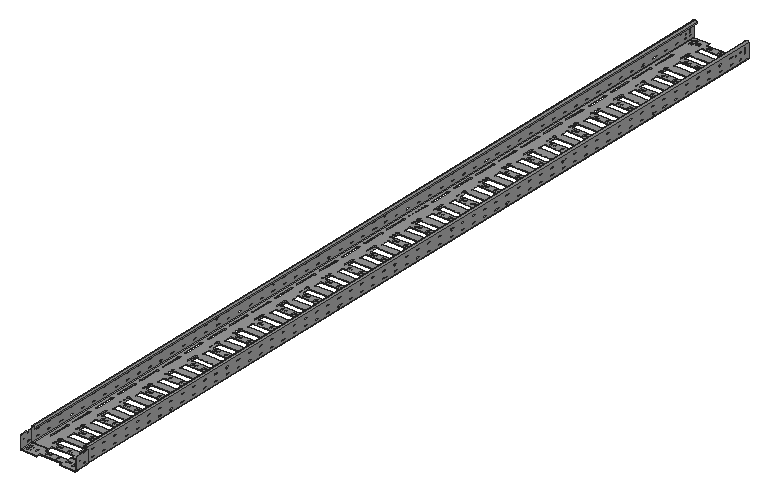
Revit family "MKSM Magic Kabelrinne 1 mm- MKSM 620 FT,FS", category Generic Models, Revit 2017 (continued)
Forms (mm)
  Extrusion 284, void
    sketch origin (0, 1728.208, 0) x (1, 0, 0) y (0, 1, 0)
      loop
        line (12, 79.75) -> (12, 72.75) -> (30, 72.75) -> (30, 79.75) -> (12, 79.75)
    from 0 to 1
  Extrusion 285, void
    sketch origin (0, 1829.867, 0) x (1, 0, 0) y (0, 1, 0)
      loop
        line (-29, 79.75) -> (-29, 72.75) -> (-11, 72.75) -> (-11, 79.75) -> (-29, 79.75)
      loop
        line (12, 79.75) -> (12, 72.75) -> (30, 72.75) -> (30, 79.75) -> (12, 79.75)
    from 0 to 1
  Extrusion 286, void
    sketch origin (0, 1931.526, 0) x (1, 0, 0) y (0, 1, 0)
      loop
        line (-29, 79.75) -> (-29, 72.75) -> (-11, 72.75) -> (-11, 79.75) -> (-29, 79.75)
      loop
        line (12, 79.75) -> (12, 72.75) -> (30, 72.75) -> (30, 79.75) -> (12, 79.75)
    from 0 to 1
  Extrusion 287, void
    sketch origin (0, 2033.185, 0) x (1, 0, 0) y (0, 1, 0)
      loop
        line (-29, 79.75) -> (-29, 72.75) -> (-11, 72.75) -> (-11, 79.75) -> (-29, 79.75)
      loop
        line (12, 79.75) -> (12, 72.75) -> (30, 72.75) -> (30, 79.75) -> (12, 79.75)
    from 0 to 1
  Extrusion 288, void
    sketch origin (0, 2134.844, 0) x (1, 0, 0) y (0, 1, 0)
      loop
        line (-29, 79.75) -> (-29, 72.75) -> (-11, 72.75) -> (-11, 79.75) -> (-29, 79.75)
      loop
        line (12, 79.75) -> (12, 72.75) -> (30, 72.75) -> (30, 79.75) -> (12, 79.75)
    from 0 to 1
  Extrusion 289, void
    sketch origin (0, 2236.503, 0) x (1, 0, 0) y (0, 1, 0)
      loop
        line (-29, 79.75) -> (-29, 72.75) -> (-11, 72.75) -> (-11, 79.75) -> (-29, 79.75)
      loop
        line (12, 79.75) -> (12, 72.75) -> (30, 72.75) -> (30, 79.75) -> (12, 79.75)
    from 0 to 1
  Extrusion 290, void
    sketch origin (0, 2338.162, 0) x (1, 0, 0) y (0, 1, 0)
      loop
        line (-29, 79.75) -> (-29, 72.75) -> (-11, 72.75) -> (-11, 79.75) -> (-29, 79.75)
      loop
        line (12, 79.75) -> (12, 72.75) -> (30, 72.75) -> (30, 79.75) -> (12, 79.75)
    from 0 to 1
  Extrusion 291, void
    sketch origin (0, 2439.821, 0) x (1, 0, 0) y (0, 1, 0)
      loop
        line (-29, 79.75) -> (-29, 72.75) -> (-11, 72.75) -> (-11, 79.75) -> (-29, 79.75)
      loop
        line (12, 79.75) -> (12, 72.75) -> (30, 72.75) -> (30, 79.75) -> (12, 79.75)
    from 0 to 1
  Extrusion 292, void
    sketch origin (0, 2541.481, 0) x (1, 0, 0) y (0, 1, 0)
      loop
        line (-29, 79.75) -> (-29, 72.75) -> (-11, 72.75) -> (-11, 79.75) -> (-29, 79.75)
      loop
        line (12, 79.75) -> (12, 72.75) -> (30, 72.75) -> (30, 79.75) -> (12, 79.75)
    from 0 to 1
  Extrusion 293, void
    sketch origin (0, 2643.14, 0) x (1, 0, 0) y (0, 1, 0)
      loop
        line (-29, 79.75) -> (-29, 72.75) -> (-11, 72.75) -> (-11, 79.75) -> (-29, 79.75)
      loop
        line (12, 79.75) -> (12, 72.75) -> (30, 72.75) -> (30, 79.75) -> (12, 79.75)
    from 0 to 1
  Extrusion 294, void
    sketch origin (0, 2744.799, 0) x (1, 0, 0) y (0, 1, 0)
      loop
        line (-29, 79.75) -> (-29, 72.75) -> (-11, 72.75) -> (-11, 79.75) -> (-29, 79.75)
      loop
        line (12, 79.75) -> (12, 72.75) -> (30, 72.75) -> (30, 79.75) -> (12, 79.75)
    from 0 to 1
  Extrusion 295, void
    sketch origin (0, 2846.458, 0) x (1, 0, 0) y (0, 1, 0)
      loop
        line (-29, 79.75) -> (-29, 72.75) -> (-11, 72.75) -> (-11, 79.75) -> (-29, 79.75)
      loop
        line (12, 79.75) -> (12, 72.75) -> (30, 72.75) -> (30, 79.75) -> (12, 79.75)
    from 0 to 1
  Extrusion 296, void
    sketch origin (0, 0, 0) x (1, 0, 0) y (0, 1, 0)
      loop
        line (74, 3019.9) -> (74, 3013.4) -> (88, 3013.4) -> (88, 3019.9) -> (74, 3019.9)
    from 0 to 1
  Extrusion 297, void
    sketch origin (0, 0, 0) x (1, 0, 0) y (0, 1, 0)
      loop
        line (74, 3036.4) -> (74, 3029.9) -> (88, 3029.9) -> (88, 3036.4) -> (74, 3036.4)
    from 0 to 1
  Extrusion 298, void
    sketch origin (0, 0, 0) x (1, 0, 0) y (0, 1, 0)
      loop
        line (-88, 3019.9) -> (-88, 3013.356) -> (-74, 3013.356) -> (-74, 3019.9) -> (-88, 3019.9)
    from 0 to 1
  Extrusion 299, void
    sketch origin (0, 0, 0) x (1, 0, 0) y (0, 1, 0)
      loop
        line (-88, 3036.4) -> (-88, 3029.9) -> (-74, 3029.9) -> (-74, 3036.4) -> (-88, 3036.4)
    from 0 to 1
  Extrusion 300, void
    sketch origin (0, 0, 0) x (1, 0, 0) y (0, 1, 0)
      loop
        line (-40, 165.21) -> (-40, 139.79) -> (40, 139.79) -> (40, 165.21) -> (-40, 165.21)
    from 0 to 1
  Extrusion 301, void
    sketch origin (0, 101.737, 0) x (1, 0, 0) y (0, 1, 0)
      loop
        line (-40, 165.21) -> (-40, 139.79) -> (40, 139.79) -> (40, 165.21) -> (-40, 165.21)
    from 0 to 1
  Extrusion 302, void
    sketch origin (0, 203.479, 0) x (1, 0, 0) y (0, 1, 0)
      loop
        line (-40, 165.21) -> (-40, 139.79) -> (40, 139.79) -> (40, 165.21) -> (-40, 165.21)
    from 0 to 1
  Extrusion 303, void
    sketch origin (0, 305.221, 0) x (1, 0, 0) y (0, 1, 0)
      loop
        line (-40, 165.21) -> (-40, 139.79) -> (40, 139.79) -> (40, 165.21) -> (-40, 165.21)
    from 0 to 1
  Extrusion 304, void
    sketch origin (0, 406.963, 0) x (1, 0, 0) y (0, 1, 0)
      loop
        line (-40, 165.21) -> (-40, 139.79) -> (40, 139.79) -> (40, 165.21) -> (-40, 165.21)
    from 0 to 1
  Extrusion 305, void
    sketch origin (0, 508.705, 0) x (1, 0, 0) y (0, 1, 0)
      loop
        line (-40, 165.21) -> (-40, 139.79) -> (40, 139.79) -> (40, 165.21) -> (-40, 165.21)
    from 0 to 1
  Extrusion 306, void
    sketch origin (0, 610.447, 0) x (1, 0, 0) y (0, 1, 0)
      loop
        line (-40, 165.21) -> (-40, 139.79) -> (40, 139.79) -> (40, 165.21) -> (-40, 165.21)
    from 0 to 1
  Extrusion 307, void
    sketch origin (0, 712.189, 0) x (1, 0, 0) y (0, 1, 0)
      loop
        line (-40, 165.21) -> (-40, 139.79) -> (40, 139.79) -> (40, 165.21) -> (-40, 165.21)
    from 0 to 1
  Extrusion 308, void
    sketch origin (0, 813.93, 0) x (1, 0, 0) y (0, 1, 0)
      loop
        line (-40, 165.21) -> (-40, 139.79) -> (40, 139.79) -> (40, 165.21) -> (-40, 165.21)
    from 0 to 1
  Extrusion 309, void
    sketch origin (0, 915.672, 0) x (1, 0, 0) y (0, 1, 0)
      loop
        line (-40, 165.21) -> (-40, 139.79) -> (40, 139.79) -> (40, 165.21) -> (-40, 165.21)
    from 0 to 1
  Extrusion 310, void
    sketch origin (0, 1017.414, 0) x (1, 0, 0) y (0, 1, 0)
      loop
        line (-40, 165.21) -> (-40, 139.79) -> (40, 139.79) -> (40, 165.21) -> (-40, 165.21)
    from 0 to 1
  Extrusion 311, void
    sketch origin (0, 1119.156, 0) x (1, 0, 0) y (0, 1, 0)
      loop
        line (-40, 165.21) -> (-40, 139.79) -> (40, 139.79) -> (40, 165.21) -> (-40, 165.21)
    from 0 to 1
  Extrusion 312, void
    sketch origin (0, 1220.898, 0) x (1, 0, 0) y (0, 1, 0)
      loop
        line (-40, 165.21) -> (-40, 139.79) -> (40, 139.79) -> (40, 165.21) -> (-40, 165.21)
    from 0 to 1
  Extrusion 313, void
    sketch origin (0, 1322.64, 0) x (1, 0, 0) y (0, 1, 0)
      loop
        line (-40, 165.21) -> (-40, 139.79) -> (40, 139.79) -> (40, 165.21) -> (-40, 165.21)
    from 0 to 1
  Extrusion 314, void
    sketch origin (0, 1424.382, 0) x (1, 0, 0) y (0, 1, 0)
      loop
        line (-40, 165.21) -> (-40, 139.79) -> (40, 139.79) -> (40, 165.21) -> (-40, 165.21)
    from 0 to 1
  Extrusion 315, void
    sketch origin (0, 1526.124, 0) x (1, 0, 0) y (0, 1, 0)
      loop
        line (-40, 165.21) -> (-40, 139.79) -> (40, 139.79) -> (40, 165.21) -> (-40, 165.21)
    from 0 to 1
  Extrusion 316, void
    sketch origin (0, 1627.866, 0) x (1, 0, 0) y (0, 1, 0)
      loop
        line (-40, 165.21) -> (-40, 139.79) -> (40, 139.79) -> (40, 165.21) -> (-40, 165.21)
    from 0 to 1
  Extrusion 317, void
    sketch origin (0, 1729.608, 0) x (1, 0, 0) y (0, 1, 0)
      loop
        line (-40, 165.21) -> (-40, 139.79) -> (40, 139.79) -> (40, 165.21) -> (-40, 165.21)
    from 0 to 1
  Extrusion 318, void
    sketch origin (0, 1831.349, 0) x (1, 0, 0) y (0, 1, 0)
      loop
        line (-40, 165.21) -> (-40, 139.79) -> (40, 139.79) -> (40, 165.21) -> (-40, 165.21)
    from 0 to 1
  Extrusion 319, void
    sketch origin (0, 1933.091, 0) x (1, 0, 0) y (0, 1, 0)
      loop
        line (-40, 165.21) -> (-40, 139.79) -> (40, 139.79) -> (40, 165.21) -> (-40, 165.21)
    from 0 to 1
  Extrusion 320, void
    sketch origin (0, 2034.833, 0) x (1, 0, 0) y (0, 1, 0)
      loop
        line (-40, 165.21) -> (-40, 139.79) -> (40, 139.79) -> (40, 165.21) -> (-40, 165.21)
    from 0 to 1
  Extrusion 321, void
    sketch origin (0, 2136.575, 0) x (1, 0, 0) y (0, 1, 0)
      loop
        line (-40, 165.21) -> (-40, 139.79) -> (40, 139.79) -> (40, 165.21) -> (-40, 165.21)
    from 0 to 1
  Extrusion 322, void
    sketch origin (0, 2238.317, 0) x (1, 0, 0) y (0, 1, 0)
      loop
        line (-40, 165.21) -> (-40, 139.79) -> (40, 139.79) -> (40, 165.21) -> (-40, 165.21)
    from 0 to 1
  Extrusion 323, void
    sketch origin (0, 2340.059, 0) x (1, 0, 0) y (0, 1, 0)
      loop
        line (-40, 165.21) -> (-40, 139.79) -> (40, 139.79) -> (40, 165.21) -> (-40, 165.21)
    from 0 to 1
  Extrusion 324, void
    sketch origin (0, 2441.801, 0) x (1, 0, 0) y (0, 1, 0)
      loop
        line (-40, 165.21) -> (-40, 139.79) -> (40, 139.79) -> (40, 165.21) -> (-40, 165.21)
    from 0 to 1
  Extrusion 325, void
    sketch origin (0, 2543.543, 0) x (1, 0, 0) y (0, 1, 0)
      loop
        line (-40, 165.21) -> (-40, 139.79) -> (40, 139.79) -> (40, 165.21) -> (-40, 165.21)
    from 0 to 1
  Extrusion 326, void
    sketch origin (0, 2645.285, 0) x (1, 0, 0) y (0, 1, 0)
      loop
        line (-40, 165.21) -> (-40, 139.79) -> (40, 139.79) -> (40, 165.21) -> (-40, 165.21)
    from 0 to 1
  Extrusion 327, void
    sketch origin (0, 2747.026, 0) x (1, 0, 0) y (0, 1, 0)
      loop
        line (-40, 165.21) -> (-40, 139.79) -> (40, 139.79) -> (40, 165.21) -> (-40, 165.21)
    from 0 to 1
  Extrusion 328, void
    sketch origin (0, 0, 0) x (1, 0, 0) y (0, 1, 0)
      loop
        line (-40, 114.38) -> (-40, 88.96) -> (40, 88.96) -> (40, 114.38) -> (-40, 114.38)
    from 0 to 1
  Extrusion 329, void
    sketch origin (0, 101.739, 0) x (1, 0, 0) y (0, 1, 0)
      loop
        line (-40, 114.38) -> (-40, 88.96) -> (40, 88.96) -> (40, 114.38) -> (-40, 114.38)
    from 0 to 1
  Extrusion 330, void
    sketch origin (0, 203.418, 0) x (1, 0, 0) y (0, 1, 0)
      loop
        line (-40, 114.38) -> (-40, 88.96) -> (40, 88.96) -> (40, 114.38) -> (-40, 114.38)
    from 0 to 1
  Extrusion 331, void
    sketch origin (0, 305.096, 0) x (1, 0, 0) y (0, 1, 0)
      loop
        line (-40, 114.38) -> (-40, 88.96) -> (40, 88.96) -> (40, 114.38) -> (-40, 114.38)
    from 0 to 1
  Extrusion 332, void
    sketch origin (0, 406.775, 0) x (1, 0, 0) y (0, 1, 0)
      loop
        line (-40, 114.38) -> (-40, 88.96) -> (40, 88.96) -> (40, 114.38) -> (-40, 114.38)
    from 0 to 1
  Extrusion 333, void
    sketch origin (0, 508.454, 0) x (1, 0, 0) y (0, 1, 0)
      loop
        line (-40, 114.38) -> (-40, 88.96) -> (40, 88.96) -> (40, 114.38) -> (-40, 114.38)
    from 0 to 1
  Extrusion 334, void
    sketch origin (0, 610.132, 0) x (1, 0, 0) y (0, 1, 0)
      loop
        line (-40, 114.38) -> (-40, 88.96) -> (40, 88.96) -> (40, 114.38) -> (-40, 114.38)
    from 0 to 1
  Extrusion 335, void
    sketch origin (0, 711.811, 0) x (1, 0, 0) y (0, 1, 0)
      loop
        line (-40, 114.38) -> (-40, 88.96) -> (40, 88.96) -> (40, 114.38) -> (-40, 114.38)
    from 0 to 1
  Extrusion 336, void
    sketch origin (0, 813.49, 0) x (1, 0, 0) y (0, 1, 0)
      loop
        line (-40, 114.38) -> (-40, 88.96) -> (40, 88.96) -> (40, 114.38) -> (-40, 114.38)
    from 0 to 1
  Extrusion 337, void
    sketch origin (0, 915.168, 0) x (1, 0, 0) y (0, 1, 0)
      loop
        line (-40, 114.38) -> (-40, 88.96) -> (40, 88.96) -> (40, 114.38) -> (-40, 114.38)
    from 0 to 1
  Extrusion 338, void
    sketch origin (0, 1016.847, 0) x (1, 0, 0) y (0, 1, 0)
      loop
        line (-40, 114.38) -> (-40, 88.96) -> (40, 88.96) -> (40, 114.38) -> (-40, 114.38)
    from 0 to 1
  Extrusion 339, void
    sketch origin (0, 1118.525, 0) x (1, 0, 0) y (0, 1, 0)
      loop
        line (-40, 114.38) -> (-40, 88.96) -> (40, 88.96) -> (40, 114.38) -> (-40, 114.38)
    from 0 to 1
  Extrusion 340, void
    sketch origin (0, 1220.204, 0) x (1, 0, 0) y (0, 1, 0)
      loop
        line (-40, 114.38) -> (-40, 88.96) -> (40, 88.96) -> (40, 114.38) -> (-40, 114.38)
    from 0 to 1
  Extrusion 341, void
    sketch origin (0, 1321.883, 0) x (1, 0, 0) y (0, 1, 0)
      loop
        line (-40, 114.38) -> (-40, 88.96) -> (40, 88.96) -> (40, 114.38) -> (-40, 114.38)
    from 0 to 1
  Extrusion 342, void
    sketch origin (0, 1423.561, 0) x (1, 0, 0) y (0, 1, 0)
      loop
        line (-40, 114.38) -> (-40, 88.96) -> (40, 88.96) -> (40, 114.38) -> (-40, 114.38)
    from 0 to 1
  Extrusion 343, void
    sketch origin (0, 1525.24, 0) x (1, 0, 0) y (0, 1, 0)
      loop
        line (-40, 114.38) -> (-40, 88.96) -> (40, 88.96) -> (40, 114.38) -> (-40, 114.38)
    from 0 to 1
  Extrusion 344, void
    sketch origin (0, 1626.918, 0) x (1, 0, 0) y (0, 1, 0)
      loop
        line (-40, 114.38) -> (-40, 88.96) -> (40, 88.96) -> (40, 114.38) -> (-40, 114.38)
    from 0 to 1
  Extrusion 345, void
    sketch origin (0, 1728.597, 0) x (1, 0, 0) y (0, 1, 0)
      loop
        line (-40, 114.38) -> (-40, 88.96) -> (40, 88.96) -> (40, 114.38) -> (-40, 114.38)
    from 0 to 1
  Extrusion 346, void
    sketch origin (0, 1830.276, 0) x (1, 0, 0) y (0, 1, 0)
      loop
        line (-40, 114.38) -> (-40, 88.96) -> (40, 88.96) -> (40, 114.38) -> (-40, 114.38)
    from 0 to 1
  Extrusion 347, void
    sketch origin (0, 1931.954, 0) x (1, 0, 0) y (0, 1, 0)
      loop
        line (-40, 114.38) -> (-40, 88.96) -> (40, 88.96) -> (40, 114.38) -> (-40, 114.38)
    from 0 to 1
  Extrusion 348, void
    sketch origin (0, 2033.633, 0) x (1, 0, 0) y (0, 1, 0)
      loop
        line (-40, 114.38) -> (-40, 88.96) -> (40, 88.96) -> (40, 114.38) -> (-40, 114.38)
    from 0 to 1
  Extrusion 349, void
    sketch origin (0, 2135.311, 0) x (1, 0, 0) y (0, 1, 0)
      loop
        line (-40, 114.38) -> (-40, 88.96) -> (40, 88.96) -> (40, 114.38) -> (-40, 114.38)
    from 0 to 1
  Extrusion 350, void
    sketch origin (0, 2236.99, 0) x (1, 0, 0) y (0, 1, 0)
      loop
        line (-40, 114.38) -> (-40, 88.96) -> (40, 88.96) -> (40, 114.38) -> (-40, 114.38)
    from 0 to 1
  Extrusion 351, void
    sketch origin (0, 2338.669, 0) x (1, 0, 0) y (0, 1, 0)
      loop
        line (-40, 114.38) -> (-40, 88.96) -> (40, 88.96) -> (40, 114.38) -> (-40, 114.38)
    from 0 to 1
  Extrusion 352, void
    sketch origin (0, 2440.347, 0) x (1, 0, 0) y (0, 1, 0)
      loop
        line (-40, 114.38) -> (-40, 88.96) -> (40, 88.96) -> (40, 114.38) -> (-40, 114.38)
    from 0 to 1
  Extrusion 353, void
    sketch origin (0, 2542.026, 0) x (1, 0, 0) y (0, 1, 0)
      loop
        line (-40, 114.38) -> (-40, 88.96) -> (40, 88.96) -> (40, 114.38) -> (-40, 114.38)
    from 0 to 1
  Extrusion 354, void
    sketch origin (0, 2643.704, 0) x (1, 0, 0) y (0, 1, 0)
      loop
        line (-40, 114.38) -> (-40, 88.96) -> (40, 88.96) -> (40, 114.38) -> (-40, 114.38)
    from 0 to 1
  Extrusion 355, void
    sketch origin (0, 2745.383, 0) x (1, 0, 0) y (0, 1, 0)
      loop
        line (-40, 114.38) -> (-40, 88.96) -> (40, 88.96) -> (40, 114.38) -> (-40, 114.38)
    from 0 to 1
  Extrusion 356, void
    sketch origin (0, 2847.062, 0) x (1, 0, 0) y (0, 1, 0)
      loop
        line (-40, 114.38) -> (-40, 88.96) -> (40, 88.96) -> (40, 114.38) -> (-40, 114.38)
    from 0 to 1
  Extrusion 357, void
    sketch origin (0, 0, 0) x (1, 0, 0) y (0, 1, 0)
      loop
        arc (-51.5, 86.67) -> (-48, 83.17) -> (-44.5, 86.67) r 3.5
        line (-44.5, 86.67) -> (-44.5, 116.67)
        arc (-44.5, 116.67) -> (-48, 120.17) -> (-51.5, 116.67) r 3.5
        line (-51.5, 116.67) -> (-51.5, 86.67)
      loop
        arc (44.5, 86.67) -> (48, 83.17) -> (51.5, 86.67) r 3.5
        line (51.5, 86.67) -> (51.5, 116.67)
        arc (51.5, 116.67) -> (48, 120.17) -> (44.5, 116.67) r 3.5
        line (44.5, 116.67) -> (44.5, 86.67)
    from 0 to 1
  Extrusion 358, void
    sketch origin (0, 101.723, 0) x (1, 0, 0) y (0, 1, 0)
      loop
        arc (-51.5, 86.67) -> (-48, 83.17) -> (-44.5, 86.67) r 3.5
        line (-44.5, 86.67) -> (-44.5, 116.67)
        arc (-44.5, 116.67) -> (-48, 120.17) -> (-51.5, 116.67) r 3.5
        line (-51.5, 116.67) -> (-51.5, 86.67)
      loop
        arc (44.5, 86.67) -> (48, 83.17) -> (51.5, 86.67) r 3.5
        line (51.5, 86.67) -> (51.5, 116.67)
        arc (51.5, 116.67) -> (48, 120.17) -> (44.5, 116.67) r 3.5
        line (44.5, 116.67) -> (44.5, 86.67)
    from 0 to 1
  Extrusion 359, void
    sketch origin (0, 203.438, 0) x (1, 0, 0) y (0, 1, 0)
      loop
        arc (-51.5, 86.67) -> (-48, 83.17) -> (-44.5, 86.67) r 3.5
        line (-44.5, 86.67) -> (-44.5, 116.67)
        arc (-44.5, 116.67) -> (-48, 120.17) -> (-51.5, 116.67) r 3.5
        line (-51.5, 116.67) -> (-51.5, 86.67)
      loop
        arc (44.5, 86.67) -> (48, 83.17) -> (51.5, 86.67) r 3.5
        line (51.5, 86.67) -> (51.5, 116.67)
        arc (51.5, 116.67) -> (48, 120.17) -> (44.5, 116.67) r 3.5
        line (44.5, 116.67) -> (44.5, 86.67)
    from 0 to 1
  Extrusion 360, void
    sketch origin (0, 305.153, 0) x (1, 0, 0) y (0, 1, 0)
      loop
        arc (-51.5, 86.67) -> (-48, 83.17) -> (-44.5, 86.67) r 3.5
        line (-44.5, 86.67) -> (-44.5, 116.67)
        arc (-44.5, 116.67) -> (-48, 120.17) -> (-51.5, 116.67) r 3.5
        line (-51.5, 116.67) -> (-51.5, 86.67)
      loop
        arc (44.5, 86.67) -> (48, 83.17) -> (51.5, 86.67) r 3.5
        line (51.5, 86.67) -> (51.5, 116.67)
        arc (51.5, 116.67) -> (48, 120.17) -> (44.5, 116.67) r 3.5
        line (44.5, 116.67) -> (44.5, 86.67)
    from 0 to 1
  Extrusion 361, void
    sketch origin (0, 406.868, 0) x (1, 0, 0) y (0, 1, 0)
      loop
        arc (-51.5, 86.67) -> (-48, 83.17) -> (-44.5, 86.67) r 3.5
        line (-44.5, 86.67) -> (-44.5, 116.67)
        arc (-44.5, 116.67) -> (-48, 120.17) -> (-51.5, 116.67) r 3.5
        line (-51.5, 116.67) -> (-51.5, 86.67)
      loop
        arc (44.5, 86.67) -> (48, 83.17) -> (51.5, 86.67) r 3.5
        line (51.5, 86.67) -> (51.5, 116.67)
        arc (51.5, 116.67) -> (48, 120.17) -> (44.5, 116.67) r 3.5
        line (44.5, 116.67) -> (44.5, 86.67)
    from 0 to 1
  Extrusion 362, void
    sketch origin (0, 508.583, 0) x (1, 0, 0) y (0, 1, 0)
      loop
        arc (-51.5, 86.67) -> (-48, 83.17) -> (-44.5, 86.67) r 3.5
        line (-44.5, 86.67) -> (-44.5, 116.67)
        arc (-44.5, 116.67) -> (-48, 120.17) -> (-51.5, 116.67) r 3.5
        line (-51.5, 116.67) -> (-51.5, 86.67)
      loop
        arc (44.5, 86.67) -> (48, 83.17) -> (51.5, 86.67) r 3.5
        line (51.5, 86.67) -> (51.5, 116.67)
        arc (51.5, 116.67) -> (48, 120.17) -> (44.5, 116.67) r 3.5
        line (44.5, 116.67) -> (44.5, 86.67)
    from 0 to 1
  Extrusion 363, void
    sketch origin (0, 610.298, 0) x (1, 0, 0) y (0, 1, 0)
      loop
        arc (-51.5, 86.67) -> (-48, 83.17) -> (-44.5, 86.67) r 3.5
        line (-44.5, 86.67) -> (-44.5, 116.67)
        arc (-44.5, 116.67) -> (-48, 120.17) -> (-51.5, 116.67) r 3.5
        line (-51.5, 116.67) -> (-51.5, 86.67)
      loop
        arc (44.5, 86.67) -> (48, 83.17) -> (51.5, 86.67) r 3.5
        line (51.5, 86.67) -> (51.5, 116.67)
        arc (51.5, 116.67) -> (48, 120.17) -> (44.5, 116.67) r 3.5
        line (44.5, 116.67) -> (44.5, 86.67)
    from 0 to 1
  Extrusion 364, void
    sketch origin (0, 712.013, 0) x (1, 0, 0) y (0, 1, 0)
      loop
        arc (-51.5, 86.67) -> (-48, 83.17) -> (-44.5, 86.67) r 3.5
        line (-44.5, 86.67) -> (-44.5, 116.67)
        arc (-44.5, 116.67) -> (-48, 120.17) -> (-51.5, 116.67) r 3.5
        line (-51.5, 116.67) -> (-51.5, 86.67)
      loop
        arc (44.5, 86.67) -> (48, 83.17) -> (51.5, 86.67) r 3.5
        line (51.5, 86.67) -> (51.5, 116.67)
        arc (51.5, 116.67) -> (48, 120.17) -> (44.5, 116.67) r 3.5
        line (44.5, 116.67) -> (44.5, 86.67)
    from 0 to 1
  Extrusion 365, void
    sketch origin (0, 813.728, 0) x (1, 0, 0) y (0, 1, 0)
      loop
        arc (-51.5, 86.67) -> (-48, 83.17) -> (-44.5, 86.67) r 3.5
        line (-44.5, 86.67) -> (-44.5, 116.67)
        arc (-44.5, 116.67) -> (-48, 120.17) -> (-51.5, 116.67) r 3.5
        line (-51.5, 116.67) -> (-51.5, 86.67)
      loop
        arc (44.5, 86.67) -> (48, 83.17) -> (51.5, 86.67) r 3.5
        line (51.5, 86.67) -> (51.5, 116.67)
        arc (51.5, 116.67) -> (48, 120.17) -> (44.5, 116.67) r 3.5
        line (44.5, 116.67) -> (44.5, 86.67)
    from 0 to 1
  Extrusion 366, void
    sketch origin (0, 915.443, 0) x (1, 0, 0) y (0, 1, 0)
      loop
        arc (-51.5, 86.67) -> (-48, 83.17) -> (-44.5, 86.67) r 3.5
        line (-44.5, 86.67) -> (-44.5, 116.67)
        arc (-44.5, 116.67) -> (-48, 120.17) -> (-51.5, 116.67) r 3.5
        line (-51.5, 116.67) -> (-51.5, 86.67)
      loop
        arc (44.5, 86.67) -> (48, 83.17) -> (51.5, 86.67) r 3.5
        line (51.5, 86.67) -> (51.5, 116.67)
        arc (51.5, 116.67) -> (48, 120.17) -> (44.5, 116.67) r 3.5
        line (44.5, 116.67) -> (44.5, 86.67)
    from 0 to 1
  Extrusion 367, void
    sketch origin (0, 1017.158, 0) x (1, 0, 0) y (0, 1, 0)
      loop
        arc (-51.5, 86.67) -> (-48, 83.17) -> (-44.5, 86.67) r 3.5
        line (-44.5, 86.67) -> (-44.5, 116.67)
        arc (-44.5, 116.67) -> (-48, 120.17) -> (-51.5, 116.67) r 3.5
        line (-51.5, 116.67) -> (-51.5, 86.67)
      loop
        arc (44.5, 86.67) -> (48, 83.17) -> (51.5, 86.67) r 3.5
        line (51.5, 86.67) -> (51.5, 116.67)
        arc (51.5, 116.67) -> (48, 120.17) -> (44.5, 116.67) r 3.5
        line (44.5, 116.67) -> (44.5, 86.67)
    from 0 to 1
  Extrusion 368, void
    sketch origin (0, 1118.873, 0) x (1, 0, 0) y (0, 1, 0)
      loop
        arc (-51.5, 86.67) -> (-48, 83.17) -> (-44.5, 86.67) r 3.5
        line (-44.5, 86.67) -> (-44.5, 116.67)
        arc (-44.5, 116.67) -> (-48, 120.17) -> (-51.5, 116.67) r 3.5
        line (-51.5, 116.67) -> (-51.5, 86.67)
      loop
        arc (44.5, 86.67) -> (48, 83.17) -> (51.5, 86.67) r 3.5
        line (51.5, 86.67) -> (51.5, 116.67)
        arc (51.5, 116.67) -> (48, 120.17) -> (44.5, 116.67) r 3.5
        line (44.5, 116.67) -> (44.5, 86.67)
    from 0 to 1
  Extrusion 369, void
    sketch origin (0, 1220.588, 0) x (1, 0, 0) y (0, 1, 0)
      loop
        arc (-51.5, 86.67) -> (-48, 83.17) -> (-44.5, 86.67) r 3.5
        line (-44.5, 86.67) -> (-44.5, 116.67)
        arc (-44.5, 116.67) -> (-48, 120.17) -> (-51.5, 116.67) r 3.5
        line (-51.5, 116.67) -> (-51.5, 86.67)
      loop
        arc (44.5, 86.67) -> (48, 83.17) -> (51.5, 86.67) r 3.5
        line (51.5, 86.67) -> (51.5, 116.67)
        arc (51.5, 116.67) -> (48, 120.17) -> (44.5, 116.67) r 3.5
        line (44.5, 116.67) -> (44.5, 86.67)
    from 0 to 1
  Extrusion 370, void
    sketch origin (0, 1322.303, 0) x (1, 0, 0) y (0, 1, 0)
      loop
        arc (-51.5, 86.67) -> (-48, 83.17) -> (-44.5, 86.67) r 3.5
        line (-44.5, 86.67) -> (-44.5, 116.67)
        arc (-44.5, 116.67) -> (-48, 120.17) -> (-51.5, 116.67) r 3.5
        line (-51.5, 116.67) -> (-51.5, 86.67)
      loop
        arc (44.5, 86.67) -> (48, 83.17) -> (51.5, 86.67) r 3.5
        line (51.5, 86.67) -> (51.5, 116.67)
        arc (51.5, 116.67) -> (48, 120.17) -> (44.5, 116.67) r 3.5
        line (44.5, 116.67) -> (44.5, 86.67)
    from 0 to 1
  Extrusion 371, void
    sketch origin (0, 1424.018, 0) x (1, 0, 0) y (0, 1, 0)
      loop
        arc (-51.5, 86.67) -> (-48, 83.17) -> (-44.5, 86.67) r 3.5
        line (-44.5, 86.67) -> (-44.5, 116.67)
        arc (-44.5, 116.67) -> (-48, 120.17) -> (-51.5, 116.67) r 3.5
        line (-51.5, 116.67) -> (-51.5, 86.67)
      loop
        arc (44.5, 86.67) -> (48, 83.17) -> (51.5, 86.67) r 3.5
        line (51.5, 86.67) -> (51.5, 116.67)
        arc (51.5, 116.67) -> (48, 120.17) -> (44.5, 116.67) r 3.5
        line (44.5, 116.67) -> (44.5, 86.67)
    from 0 to 1
  Extrusion 372, void
    sketch origin (0, 1525.733, 0) x (1, 0, 0) y (0, 1, 0)
      loop
        arc (-51.5, 86.67) -> (-48, 83.17) -> (-44.5, 86.67) r 3.5
        line (-44.5, 86.67) -> (-44.5, 116.67)
        arc (-44.5, 116.67) -> (-48, 120.17) -> (-51.5, 116.67) r 3.5
        line (-51.5, 116.67) -> (-51.5, 86.67)
      loop
        arc (44.5, 86.67) -> (48, 83.17) -> (51.5, 86.67) r 3.5
        line (51.5, 86.67) -> (51.5, 116.67)
        arc (51.5, 116.67) -> (48, 120.17) -> (44.5, 116.67) r 3.5
        line (44.5, 116.67) -> (44.5, 86.67)
    from 0 to 1
  Extrusion 373, void
    sketch origin (0, 1627.448, 0) x (1, 0, 0) y (0, 1, 0)
      loop
        arc (-51.5, 86.67) -> (-48, 83.17) -> (-44.5, 86.67) r 3.5
        line (-44.5, 86.67) -> (-44.5, 116.67)
        arc (-44.5, 116.67) -> (-48, 120.17) -> (-51.5, 116.67) r 3.5
        line (-51.5, 116.67) -> (-51.5, 86.67)
      loop
        arc (44.5, 86.67) -> (48, 83.17) -> (51.5, 86.67) r 3.5
        line (51.5, 86.67) -> (51.5, 116.67)
        arc (51.5, 116.67) -> (48, 120.17) -> (44.5, 116.67) r 3.5
        line (44.5, 116.67) -> (44.5, 86.67)
    from 0 to 1
  Extrusion 374, void
    sketch origin (0, 1729.163, 0) x (1, 0, 0) y (0, 1, 0)
      loop
        arc (-51.5, 86.67) -> (-48, 83.17) -> (-44.5, 86.67) r 3.5
        line (-44.5, 86.67) -> (-44.5, 116.67)
        arc (-44.5, 116.67) -> (-48, 120.17) -> (-51.5, 116.67) r 3.5
        line (-51.5, 116.67) -> (-51.5, 86.67)
      loop
        arc (44.5, 86.67) -> (48, 83.17) -> (51.5, 86.67) r 3.5
        line (51.5, 86.67) -> (51.5, 116.67)
        arc (51.5, 116.67) -> (48, 120.17) -> (44.5, 116.67) r 3.5
        line (44.5, 116.67) -> (44.5, 86.67)
    from 0 to 1
  Extrusion 375, void
    sketch origin (0, 1830.878, 0) x (1, 0, 0) y (0, 1, 0)
      loop
        arc (-51.5, 86.67) -> (-48, 83.17) -> (-44.5, 86.67) r 3.5
        line (-44.5, 86.67) -> (-44.5, 116.67)
        arc (-44.5, 116.67) -> (-48, 120.17) -> (-51.5, 116.67) r 3.5
        line (-51.5, 116.67) -> (-51.5, 86.67)
      loop
        arc (44.5, 86.67) -> (48, 83.17) -> (51.5, 86.67) r 3.5
        line (51.5, 86.67) -> (51.5, 116.67)
        arc (51.5, 116.67) -> (48, 120.17) -> (44.5, 116.67) r 3.5
        line (44.5, 116.67) -> (44.5, 86.67)
    from 0 to 1
  Extrusion 376, void
    sketch origin (0, 1932.593, 0) x (1, 0, 0) y (0, 1, 0)
      loop
        arc (-51.5, 86.67) -> (-48, 83.17) -> (-44.5, 86.67) r 3.5
        line (-44.5, 86.67) -> (-44.5, 116.67)
        arc (-44.5, 116.67) -> (-48, 120.17) -> (-51.5, 116.67) r 3.5
        line (-51.5, 116.67) -> (-51.5, 86.67)
      loop
        arc (44.5, 86.67) -> (48, 83.17) -> (51.5, 86.67) r 3.5
        line (51.5, 86.67) -> (51.5, 116.67)
        arc (51.5, 116.67) -> (48, 120.17) -> (44.5, 116.67) r 3.5
        line (44.5, 116.67) -> (44.5, 86.67)
    from 0 to 1
  Extrusion 377, void
    sketch origin (0, 2034.309, 0) x (1, 0, 0) y (0, 1, 0)
      loop
        arc (-51.5, 86.67) -> (-48, 83.17) -> (-44.5, 86.67) r 3.5
        line (-44.5, 86.67) -> (-44.5, 116.67)
        arc (-44.5, 116.67) -> (-48, 120.17) -> (-51.5, 116.67) r 3.5
        line (-51.5, 116.67) -> (-51.5, 86.67)
      loop
        arc (44.5, 86.67) -> (48, 83.17) -> (51.5, 86.67) r 3.5
        line (51.5, 86.67) -> (51.5, 116.67)
        arc (51.5, 116.67) -> (48, 120.17) -> (44.5, 116.67) r 3.5
        line (44.5, 116.67) -> (44.5, 86.67)
    from 0 to 1
  Extrusion 378, void
    sketch origin (0, 2136.024, 0) x (1, 0, 0) y (0, 1, 0)
      loop
        arc (-51.5, 86.67) -> (-48, 83.17) -> (-44.5, 86.67) r 3.5
        line (-44.5, 86.67) -> (-44.5, 116.67)
        arc (-44.5, 116.67) -> (-48, 120.17) -> (-51.5, 116.67) r 3.5
        line (-51.5, 116.67) -> (-51.5, 86.67)
      loop
        arc (44.5, 86.67) -> (48, 83.17) -> (51.5, 86.67) r 3.5
        line (51.5, 86.67) -> (51.5, 116.67)
        arc (51.5, 116.67) -> (48, 120.17) -> (44.5, 116.67) r 3.5
        line (44.5, 116.67) -> (44.5, 86.67)
    from 0 to 1
  Extrusion 379, void
    sketch origin (0, 2237.739, 0) x (1, 0, 0) y (0, 1, 0)
      loop
        arc (-51.5, 86.67) -> (-48, 83.17) -> (-44.5, 86.67) r 3.5
        line (-44.5, 86.67) -> (-44.5, 116.67)
        arc (-44.5, 116.67) -> (-48, 120.17) -> (-51.5, 116.67) r 3.5
        line (-51.5, 116.67) -> (-51.5, 86.67)
      loop
        arc (44.5, 86.67) -> (48, 83.17) -> (51.5, 86.67) r 3.5
        line (51.5, 86.67) -> (51.5, 116.67)
        arc (51.5, 116.67) -> (48, 120.17) -> (44.5, 116.67) r 3.5
        line (44.5, 116.67) -> (44.5, 86.67)
    from 0 to 1
  Extrusion 380, void
    sketch origin (0, 2339.454, 0) x (1, 0, 0) y (0, 1, 0)
      loop
        arc (-51.5, 86.67) -> (-48, 83.17) -> (-44.5, 86.67) r 3.5
        line (-44.5, 86.67) -> (-44.5, 116.67)
        arc (-44.5, 116.67) -> (-48, 120.17) -> (-51.5, 116.67) r 3.5
        line (-51.5, 116.67) -> (-51.5, 86.67)
      loop
        arc (44.5, 86.67) -> (48, 83.17) -> (51.5, 86.67) r 3.5
        line (51.5, 86.67) -> (51.5, 116.67)
        arc (51.5, 116.67) -> (48, 120.17) -> (44.5, 116.67) r 3.5
        line (44.5, 116.67) -> (44.5, 86.67)
    from 0 to 1
  Extrusion 381, void
    sketch origin (0, 2441.169, 0) x (1, 0, 0) y (0, 1, 0)
      loop
        arc (-51.5, 86.67) -> (-48, 83.17) -> (-44.5, 86.67) r 3.5
        line (-44.5, 86.67) -> (-44.5, 116.67)
        arc (-44.5, 116.67) -> (-48, 120.17) -> (-51.5, 116.67) r 3.5
        line (-51.5, 116.67) -> (-51.5, 86.67)
      loop
        arc (44.5, 86.67) -> (48, 83.17) -> (51.5, 86.67) r 3.5
        line (51.5, 86.67) -> (51.5, 116.67)
        arc (51.5, 116.67) -> (48, 120.17) -> (44.5, 116.67) r 3.5
        line (44.5, 116.67) -> (44.5, 86.67)
    from 0 to 1
  Extrusion 382, void
    sketch origin (0, 2542.884, 0) x (1, 0, 0) y (0, 1, 0)
      loop
        arc (-51.5, 86.67) -> (-48, 83.17) -> (-44.5, 86.67) r 3.5
        line (-44.5, 86.67) -> (-44.5, 116.67)
        arc (-44.5, 116.67) -> (-48, 120.17) -> (-51.5, 116.67) r 3.5
        line (-51.5, 116.67) -> (-51.5, 86.67)
      loop
        arc (44.5, 86.67) -> (48, 83.17) -> (51.5, 86.67) r 3.5
        line (51.5, 86.67) -> (51.5, 116.67)
        arc (51.5, 116.67) -> (48, 120.17) -> (44.5, 116.67) r 3.5
        line (44.5, 116.67) -> (44.5, 86.67)
    from 0 to 1
  Extrusion 383, void
    sketch origin (0, 2644.599, 0) x (1, 0, 0) y (0, 1, 0)
      loop
        arc (-51.5, 86.67) -> (-48, 83.17) -> (-44.5, 86.67) r 3.5
        line (-44.5, 86.67) -> (-44.5, 116.67)
        arc (-44.5, 116.67) -> (-48, 120.17) -> (-51.5, 116.67) r 3.5
        line (-51.5, 116.67) -> (-51.5, 86.67)
      loop
        arc (44.5, 86.67) -> (48, 83.17) -> (51.5, 86.67) r 3.5
        line (51.5, 86.67) -> (51.5, 116.67)
        arc (51.5, 116.67) -> (48, 120.17) -> (44.5, 116.67) r 3.5
        line (44.5, 116.67) -> (44.5, 86.67)
    from 0 to 1
  Extrusion 384, void
    sketch origin (0, 2746.314, 0) x (1, 0, 0) y (0, 1, 0)
      loop
        arc (-51.5, 86.67) -> (-48, 83.17) -> (-44.5, 86.67) r 3.5
        line (-44.5, 86.67) -> (-44.5, 116.67)
        arc (-44.5, 116.67) -> (-48, 120.17) -> (-51.5, 116.67) r 3.5
        line (-51.5, 116.67) -> (-51.5, 86.67)
      loop
        arc (44.5, 86.67) -> (48, 83.17) -> (51.5, 86.67) r 3.5
        line (51.5, 86.67) -> (51.5, 116.67)
        arc (51.5, 116.67) -> (48, 120.17) -> (44.5, 116.67) r 3.5
        line (44.5, 116.67) -> (44.5, 86.67)
    from 0 to 1
  Extrusion 385, void
    sketch origin (0, 2848.029, 0) x (1, 0, 0) y (0, 1, 0)
      loop
        arc (-51.5, 86.67) -> (-48, 83.17) -> (-44.5, 86.67) r 3.5
        line (-44.5, 86.67) -> (-44.5, 116.67)
        arc (-44.5, 116.67) -> (-48, 120.17) -> (-51.5, 116.67) r 3.5
        line (-51.5, 116.67) -> (-51.5, 86.67)
      loop
        arc (44.5, 86.67) -> (48, 83.17) -> (51.5, 86.67) r 3.5
        line (51.5, 86.67) -> (51.5, 116.67)
        arc (51.5, 116.67) -> (48, 120.17) -> (44.5, 116.67) r 3.5
        line (44.5, 116.67) -> (44.5, 86.67)
    from 0 to 1
  Extrusion 386, void
    sketch origin (0, 0, 0) x (1, 0, 0) y (0, 1, 0)
      loop
        line (-40, 3011.88) -> (-40, 2986.46) -> (40, 2986.46) -> (40, 3011.88) -> (-40, 3011.88)
    from 0 to 1
  Extrusion 387, void
    sketch origin (0, 0, 0) x (1, 0, 0) y (0, 1, 0)
      loop
        arc (-84.5, 116.5) -> (-81, 113) -> (-77.5, 116.5) r 3.5
        line (-77.5, 116.5) -> (-77.5, 188.5)
        arc (-77.5, 188.5) -> (-81, 192) -> (-84.5, 188.5) r 3.5
        line (-84.5, 188.5) -> (-84.5, 116.5)
      loop
        arc (77.5, 116.5) -> (81, 113) -> (84.5, 116.5) r 3.5
        line (84.5, 116.5) -> (84.5, 188.5)
        arc (84.5, 188.5) -> (81, 192) -> (77.5, 188.5) r 3.5
        line (77.5, 188.5) -> (77.5, 116.5)
    from 0 to 1
  Extrusion 388, void
    sketch origin (0, 101.712, 0) x (1, 0, 0) y (0, 1, 0)
      loop
        arc (-84.5, 116.5) -> (-81, 113) -> (-77.5, 116.5) r 3.5
        line (-77.5, 116.5) -> (-77.5, 188.5)
        arc (-77.5, 188.5) -> (-81, 192) -> (-84.5, 188.5) r 3.5
        line (-84.5, 188.5) -> (-84.5, 116.5)
      loop
        arc (77.5, 116.5) -> (81, 113) -> (84.5, 116.5) r 3.5
        line (84.5, 116.5) -> (84.5, 188.5)
        arc (84.5, 188.5) -> (81, 192) -> (77.5, 188.5) r 3.5
        line (77.5, 188.5) -> (77.5, 116.5)
    from 0 to 1
  Extrusion 389, void
    sketch origin (0, 203.363, 0) x (1, 0, 0) y (0, 1, 0)
      loop
        arc (-84.5, 116.5) -> (-81, 113) -> (-77.5, 116.5) r 3.5
        line (-77.5, 116.5) -> (-77.5, 188.5)
        arc (-77.5, 188.5) -> (-81, 192) -> (-84.5, 188.5) r 3.5
        line (-84.5, 188.5) -> (-84.5, 116.5)
      loop
        arc (77.5, 116.5) -> (81, 113) -> (84.5, 116.5) r 3.5
        line (84.5, 116.5) -> (84.5, 188.5)
        arc (84.5, 188.5) -> (81, 192) -> (77.5, 188.5) r 3.5
        line (77.5, 188.5) -> (77.5, 116.5)
    from 0 to 1
  Extrusion 390, void
    sketch origin (0, 305.014, 0) x (1, 0, 0) y (0, 1, 0)
      loop
        arc (-84.5, 116.5) -> (-81, 113) -> (-77.5, 116.5) r 3.5
        line (-77.5, 116.5) -> (-77.5, 188.5)
        arc (-77.5, 188.5) -> (-81, 192) -> (-84.5, 188.5) r 3.5
        line (-84.5, 188.5) -> (-84.5, 116.5)
      loop
        arc (77.5, 116.5) -> (81, 113) -> (84.5, 116.5) r 3.5
        line (84.5, 116.5) -> (84.5, 188.5)
        arc (84.5, 188.5) -> (81, 192) -> (77.5, 188.5) r 3.5
        line (77.5, 188.5) -> (77.5, 116.5)
    from 0 to 1
  Extrusion 391, void
    sketch origin (0, 406.666, 0) x (1, 0, 0) y (0, 1, 0)
      loop
        arc (-84.5, 116.5) -> (-81, 113) -> (-77.5, 116.5) r 3.5
        line (-77.5, 116.5) -> (-77.5, 188.5)
        arc (-77.5, 188.5) -> (-81, 192) -> (-84.5, 188.5) r 3.5
        line (-84.5, 188.5) -> (-84.5, 116.5)
      loop
        arc (77.5, 116.5) -> (81, 113) -> (84.5, 116.5) r 3.5
        line (84.5, 116.5) -> (84.5, 188.5)
        arc (84.5, 188.5) -> (81, 192) -> (77.5, 188.5) r 3.5
        line (77.5, 188.5) -> (77.5, 116.5)
    from 0 to 1
  Extrusion 392, void
    sketch origin (0, 508.317, 0) x (1, 0, 0) y (0, 1, 0)
      loop
        arc (-84.5, 116.5) -> (-81, 113) -> (-77.5, 116.5) r 3.5
        line (-77.5, 116.5) -> (-77.5, 188.5)
        arc (-77.5, 188.5) -> (-81, 192) -> (-84.5, 188.5) r 3.5
        line (-84.5, 188.5) -> (-84.5, 116.5)
      loop
        arc (77.5, 116.5) -> (81, 113) -> (84.5, 116.5) r 3.5
        line (84.5, 116.5) -> (84.5, 188.5)
        arc (84.5, 188.5) -> (81, 192) -> (77.5, 188.5) r 3.5
        line (77.5, 188.5) -> (77.5, 116.5)
    from 0 to 1
  Extrusion 393, void
    sketch origin (0, 609.968, 0) x (1, 0, 0) y (0, 1, 0)
      loop
        arc (-84.5, 116.5) -> (-81, 113) -> (-77.5, 116.5) r 3.5
        line (-77.5, 116.5) -> (-77.5, 188.5)
        arc (-77.5, 188.5) -> (-81, 192) -> (-84.5, 188.5) r 3.5
        line (-84.5, 188.5) -> (-84.5, 116.5)
      loop
        arc (77.5, 116.5) -> (81, 113) -> (84.5, 116.5) r 3.5
        line (84.5, 116.5) -> (84.5, 188.5)
        arc (84.5, 188.5) -> (81, 192) -> (77.5, 188.5) r 3.5
        line (77.5, 188.5) -> (77.5, 116.5)
    from 0 to 1
  Extrusion 394, void
    sketch origin (0, 711.619, 0) x (1, 0, 0) y (0, 1, 0)
      loop
        arc (-84.5, 116.5) -> (-81, 113) -> (-77.5, 116.5) r 3.5
        line (-77.5, 116.5) -> (-77.5, 188.5)
        arc (-77.5, 188.5) -> (-81, 192) -> (-84.5, 188.5) r 3.5
        line (-84.5, 188.5) -> (-84.5, 116.5)
      loop
        arc (77.5, 116.5) -> (81, 113) -> (84.5, 116.5) r 3.5
        line (84.5, 116.5) -> (84.5, 188.5)
        arc (84.5, 188.5) -> (81, 192) -> (77.5, 188.5) r 3.5
        line (77.5, 188.5) -> (77.5, 116.5)
    from 0 to 1
  Extrusion 395, void
    sketch origin (0, 813.27, 0) x (1, 0, 0) y (0, 1, 0)
      loop
        arc (-84.5, 116.5) -> (-81, 113) -> (-77.5, 116.5) r 3.5
        line (-77.5, 116.5) -> (-77.5, 188.5)
        arc (-77.5, 188.5) -> (-81, 192) -> (-84.5, 188.5) r 3.5
        line (-84.5, 188.5) -> (-84.5, 116.5)
      loop
        arc (77.5, 116.5) -> (81, 113) -> (84.5, 116.5) r 3.5
        line (84.5, 116.5) -> (84.5, 188.5)
        arc (84.5, 188.5) -> (81, 192) -> (77.5, 188.5) r 3.5
        line (77.5, 188.5) -> (77.5, 116.5)
    from 0 to 1
  Extrusion 396, void
    sketch origin (0, 914.922, 0) x (1, 0, 0) y (0, 1, 0)
      loop
        arc (-84.5, 116.5) -> (-81, 113) -> (-77.5, 116.5) r 3.5
        line (-77.5, 116.5) -> (-77.5, 188.5)
        arc (-77.5, 188.5) -> (-81, 192) -> (-84.5, 188.5) r 3.5
        line (-84.5, 188.5) -> (-84.5, 116.5)
      loop
        arc (77.5, 116.5) -> (81, 113) -> (84.5, 116.5) r 3.5
        line (84.5, 116.5) -> (84.5, 188.5)
        arc (84.5, 188.5) -> (81, 192) -> (77.5, 188.5) r 3.5
        line (77.5, 188.5) -> (77.5, 116.5)
    from 0 to 1
  Extrusion 397, void
    sketch origin (0, 1016.573, 0) x (1, 0, 0) y (0, 1, 0)
      loop
        arc (-84.5, 116.5) -> (-81, 113) -> (-77.5, 116.5) r 3.5
        line (-77.5, 116.5) -> (-77.5, 188.5)
        arc (-77.5, 188.5) -> (-81, 192) -> (-84.5, 188.5) r 3.5
        line (-84.5, 188.5) -> (-84.5, 116.5)
      loop
        arc (77.5, 116.5) -> (81, 113) -> (84.5, 116.5) r 3.5
        line (84.5, 116.5) -> (84.5, 188.5)
        arc (84.5, 188.5) -> (81, 192) -> (77.5, 188.5) r 3.5
        line (77.5, 188.5) -> (77.5, 116.5)
    from 0 to 1
  Extrusion 398, void
    sketch origin (0, 1118.224, 0) x (1, 0, 0) y (0, 1, 0)
      loop
        arc (-84.5, 116.5) -> (-81, 113) -> (-77.5, 116.5) r 3.5
        line (-77.5, 116.5) -> (-77.5, 188.5)
        arc (-77.5, 188.5) -> (-81, 192) -> (-84.5, 188.5) r 3.5
        line (-84.5, 188.5) -> (-84.5, 116.5)
      loop
        arc (77.5, 116.5) -> (81, 113) -> (84.5, 116.5) r 3.5
        line (84.5, 116.5) -> (84.5, 188.5)
        arc (84.5, 188.5) -> (81, 192) -> (77.5, 188.5) r 3.5
        line (77.5, 188.5) -> (77.5, 116.5)
    from 0 to 1
  Extrusion 399, void
    sketch origin (0, 1219.875, 0) x (1, 0, 0) y (0, 1, 0)
      loop
        arc (-84.5, 116.5) -> (-81, 113) -> (-77.5, 116.5) r 3.5
        line (-77.5, 116.5) -> (-77.5, 188.5)
        arc (-77.5, 188.5) -> (-81, 192) -> (-84.5, 188.5) r 3.5
        line (-84.5, 188.5) -> (-84.5, 116.5)
      loop
        arc (77.5, 116.5) -> (81, 113) -> (84.5, 116.5) r 3.5
        line (84.5, 116.5) -> (84.5, 188.5)
        arc (84.5, 188.5) -> (81, 192) -> (77.5, 188.5) r 3.5
        line (77.5, 188.5) -> (77.5, 116.5)
    from 0 to 1
  Extrusion 400, void
    sketch origin (0, 1321.526, 0) x (1, 0, 0) y (0, 1, 0)
      loop
        arc (-84.5, 116.5) -> (-81, 113) -> (-77.5, 116.5) r 3.5
        line (-77.5, 116.5) -> (-77.5, 188.5)
        arc (-77.5, 188.5) -> (-81, 192) -> (-84.5, 188.5) r 3.5
        line (-84.5, 188.5) -> (-84.5, 116.5)
      loop
        arc (77.5, 116.5) -> (81, 113) -> (84.5, 116.5) r 3.5
        line (84.5, 116.5) -> (84.5, 188.5)
        arc (84.5, 188.5) -> (81, 192) -> (77.5, 188.5) r 3.5
        line (77.5, 188.5) -> (77.5, 116.5)
    from 0 to 1
  Extrusion 401, void
    sketch origin (0, 1423.178, 0) x (1, 0, 0) y (0, 1, 0)
      loop
        arc (-84.5, 116.5) -> (-81, 113) -> (-77.5, 116.5) r 3.5
        line (-77.5, 116.5) -> (-77.5, 188.5)
        arc (-77.5, 188.5) -> (-81, 192) -> (-84.5, 188.5) r 3.5
        line (-84.5, 188.5) -> (-84.5, 116.5)
      loop
        arc (77.5, 116.5) -> (81, 113) -> (84.5, 116.5) r 3.5
        line (84.5, 116.5) -> (84.5, 188.5)
        arc (84.5, 188.5) -> (81, 192) -> (77.5, 188.5) r 3.5
        line (77.5, 188.5) -> (77.5, 116.5)
    from 0 to 1
  Extrusion 402, void
    sketch origin (0, 1524.829, 0) x (1, 0, 0) y (0, 1, 0)
      loop
        arc (-84.5, 116.5) -> (-81, 113) -> (-77.5, 116.5) r 3.5
        line (-77.5, 116.5) -> (-77.5, 188.5)
        arc (-77.5, 188.5) -> (-81, 192) -> (-84.5, 188.5) r 3.5
        line (-84.5, 188.5) -> (-84.5, 116.5)
      loop
        arc (77.5, 116.5) -> (81, 113) -> (84.5, 116.5) r 3.5
        line (84.5, 116.5) -> (84.5, 188.5)
        arc (84.5, 188.5) -> (81, 192) -> (77.5, 188.5) r 3.5
        line (77.5, 188.5) -> (77.5, 116.5)
    from 0 to 1
  Extrusion 403, void
    sketch origin (0, 1626.48, 0) x (1, 0, 0) y (0, 1, 0)
      loop
        arc (-84.5, 116.5) -> (-81, 113) -> (-77.5, 116.5) r 3.5
        line (-77.5, 116.5) -> (-77.5, 188.5)
        arc (-77.5, 188.5) -> (-81, 192) -> (-84.5, 188.5) r 3.5
        line (-84.5, 188.5) -> (-84.5, 116.5)
      loop
        arc (77.5, 116.5) -> (81, 113) -> (84.5, 116.5) r 3.5
        line (84.5, 116.5) -> (84.5, 188.5)
        arc (84.5, 188.5) -> (81, 192) -> (77.5, 188.5) r 3.5
        line (77.5, 188.5) -> (77.5, 116.5)
    from 0 to 1
  Extrusion 404, void
    sketch origin (0, 1728.131, 0) x (1, 0, 0) y (0, 1, 0)
      loop
        arc (-84.5, 116.5) -> (-81, 113) -> (-77.5, 116.5) r 3.5
        line (-77.5, 116.5) -> (-77.5, 188.5)
        arc (-77.5, 188.5) -> (-81, 192) -> (-84.5, 188.5) r 3.5
        line (-84.5, 188.5) -> (-84.5, 116.5)
      loop
        arc (77.5, 116.5) -> (81, 113) -> (84.5, 116.5) r 3.5
        line (84.5, 116.5) -> (84.5, 188.5)
        arc (84.5, 188.5) -> (81, 192) -> (77.5, 188.5) r 3.5
        line (77.5, 188.5) -> (77.5, 116.5)
    from 0 to 1
  Extrusion 405, void
    sketch origin (0, 1829.783, 0) x (1, 0, 0) y (0, 1, 0)
      loop
        arc (-84.5, 116.5) -> (-81, 113) -> (-77.5, 116.5) r 3.5
        line (-77.5, 116.5) -> (-77.5, 188.5)
        arc (-77.5, 188.5) -> (-81, 192) -> (-84.5, 188.5) r 3.5
        line (-84.5, 188.5) -> (-84.5, 116.5)
      loop
        arc (77.5, 116.5) -> (81, 113) -> (84.5, 116.5) r 3.5
        line (84.5, 116.5) -> (84.5, 188.5)
        arc (84.5, 188.5) -> (81, 192) -> (77.5, 188.5) r 3.5
        line (77.5, 188.5) -> (77.5, 116.5)
    from 0 to 1
  Extrusion 406, void
    sketch origin (0, 1931.434, 0) x (1, 0, 0) y (0, 1, 0)
      loop
        arc (-84.5, 116.5) -> (-81, 113) -> (-77.5, 116.5) r 3.5
        line (-77.5, 116.5) -> (-77.5, 188.5)
        arc (-77.5, 188.5) -> (-81, 192) -> (-84.5, 188.5) r 3.5
        line (-84.5, 188.5) -> (-84.5, 116.5)
      loop
        arc (77.5, 116.5) -> (81, 113) -> (84.5, 116.5) r 3.5
        line (84.5, 116.5) -> (84.5, 188.5)
        arc (84.5, 188.5) -> (81, 192) -> (77.5, 188.5) r 3.5
        line (77.5, 188.5) -> (77.5, 116.5)
    from 0 to 1
  Extrusion 407, void
    sketch origin (0, 2033.085, 0) x (1, 0, 0) y (0, 1, 0)
      loop
        arc (-84.5, 116.5) -> (-81, 113) -> (-77.5, 116.5) r 3.5
        line (-77.5, 116.5) -> (-77.5, 188.5)
        arc (-77.5, 188.5) -> (-81, 192) -> (-84.5, 188.5) r 3.5
        line (-84.5, 188.5) -> (-84.5, 116.5)
      loop
        arc (77.5, 116.5) -> (81, 113) -> (84.5, 116.5) r 3.5
        line (84.5, 116.5) -> (84.5, 188.5)
        arc (84.5, 188.5) -> (81, 192) -> (77.5, 188.5) r 3.5
        line (77.5, 188.5) -> (77.5, 116.5)
    from 0 to 1
  Extrusion 408, void
    sketch origin (0, 2134.736, 0) x (1, 0, 0) y (0, 1, 0)
      loop
        arc (-84.5, 116.5) -> (-81, 113) -> (-77.5, 116.5) r 3.5
        line (-77.5, 116.5) -> (-77.5, 188.5)
        arc (-77.5, 188.5) -> (-81, 192) -> (-84.5, 188.5) r 3.5
        line (-84.5, 188.5) -> (-84.5, 116.5)
      loop
        arc (77.5, 116.5) -> (81, 113) -> (84.5, 116.5) r 3.5
        line (84.5, 116.5) -> (84.5, 188.5)
        arc (84.5, 188.5) -> (81, 192) -> (77.5, 188.5) r 3.5
        line (77.5, 188.5) -> (77.5, 116.5)
    from 0 to 1
  Extrusion 409, void
    sketch origin (0, 2236.387, 0) x (1, 0, 0) y (0, 1, 0)
      loop
        arc (-84.5, 116.5) -> (-81, 113) -> (-77.5, 116.5) r 3.5
        line (-77.5, 116.5) -> (-77.5, 188.5)
        arc (-77.5, 188.5) -> (-81, 192) -> (-84.5, 188.5) r 3.5
        line (-84.5, 188.5) -> (-84.5, 116.5)
      loop
        arc (77.5, 116.5) -> (81, 113) -> (84.5, 116.5) r 3.5
        line (84.5, 116.5) -> (84.5, 188.5)
        arc (84.5, 188.5) -> (81, 192) -> (77.5, 188.5) r 3.5
        line (77.5, 188.5) -> (77.5, 116.5)
    from 0 to 1
  Extrusion 410, void
    sketch origin (0, 2338.039, 0) x (1, 0, 0) y (0, 1, 0)
      loop
        arc (-84.5, 116.5) -> (-81, 113) -> (-77.5, 116.5) r 3.5
        line (-77.5, 116.5) -> (-77.5, 188.5)
        arc (-77.5, 188.5) -> (-81, 192) -> (-84.5, 188.5) r 3.5
        line (-84.5, 188.5) -> (-84.5, 116.5)
      loop
        arc (77.5, 116.5) -> (81, 113) -> (84.5, 116.5) r 3.5
        line (84.5, 116.5) -> (84.5, 188.5)
        arc (84.5, 188.5) -> (81, 192) -> (77.5, 188.5) r 3.5
        line (77.5, 188.5) -> (77.5, 116.5)
    from 0 to 1
  Extrusion 411, void
    sketch origin (0, 2439.69, 0) x (1, 0, 0) y (0, 1, 0)
      loop
        arc (-84.5, 116.5) -> (-81, 113) -> (-77.5, 116.5) r 3.5
        line (-77.5, 116.5) -> (-77.5, 188.5)
        arc (-77.5, 188.5) -> (-81, 192) -> (-84.5, 188.5) r 3.5
        line (-84.5, 188.5) -> (-84.5, 116.5)
      loop
        arc (77.5, 116.5) -> (81, 113) -> (84.5, 116.5) r 3.5
        line (84.5, 116.5) -> (84.5, 188.5)
        arc (84.5, 188.5) -> (81, 192) -> (77.5, 188.5) r 3.5
        line (77.5, 188.5) -> (77.5, 116.5)
    from 0 to 1
  Extrusion 412, void
    sketch origin (0, 2541.341, 0) x (1, 0, 0) y (0, 1, 0)
      loop
        arc (-84.5, 116.5) -> (-81, 113) -> (-77.5, 116.5) r 3.5
        line (-77.5, 116.5) -> (-77.5, 188.5)
        arc (-77.5, 188.5) -> (-81, 192) -> (-84.5, 188.5) r 3.5
        line (-84.5, 188.5) -> (-84.5, 116.5)
      loop
        arc (77.5, 116.5) -> (81, 113) -> (84.5, 116.5) r 3.5
        line (84.5, 116.5) -> (84.5, 188.5)
        arc (84.5, 188.5) -> (81, 192) -> (77.5, 188.5) r 3.5
        line (77.5, 188.5) -> (77.5, 116.5)
    from 0 to 1
  Extrusion 413, void
    sketch origin (0, 2642.992, 0) x (1, 0, 0) y (0, 1, 0)
      loop
        arc (-84.5, 116.5) -> (-81, 113) -> (-77.5, 116.5) r 3.5
        line (-77.5, 116.5) -> (-77.5, 188.5)
        arc (-77.5, 188.5) -> (-81, 192) -> (-84.5, 188.5) r 3.5
        line (-84.5, 188.5) -> (-84.5, 116.5)
      loop
        arc (77.5, 116.5) -> (81, 113) -> (84.5, 116.5) r 3.5
        line (84.5, 116.5) -> (84.5, 188.5)
        arc (84.5, 188.5) -> (81, 192) -> (77.5, 188.5) r 3.5
        line (77.5, 188.5) -> (77.5, 116.5)
    from 0 to 1
  Extrusion 414, void
    sketch origin (0, 2744.643, 0) x (1, 0, 0) y (0, 1, 0)
      loop
        arc (-84.5, 116.5) -> (-81, 113) -> (-77.5, 116.5) r 3.5
        line (-77.5, 116.5) -> (-77.5, 188.5)
        arc (-77.5, 188.5) -> (-81, 192) -> (-84.5, 188.5) r 3.5
        line (-84.5, 188.5) -> (-84.5, 116.5)
      loop
        arc (77.5, 116.5) -> (81, 113) -> (84.5, 116.5) r 3.5
        line (84.5, 116.5) -> (84.5, 188.5)
        arc (84.5, 188.5) -> (81, 192) -> (77.5, 188.5) r 3.5
        line (77.5, 188.5) -> (77.5, 116.5)
    from 0 to 1
Cuts and joins
  Extrusion 3, Extrusion 4, Extrusion 5, Extrusion 6, Extrusion 7, Extrusion 8, Extrusion 9, Extrusion 10, Extrusion 11, Extrusion 12, Extrusion 252, Extrusion 253 cuts Extrusion 2
